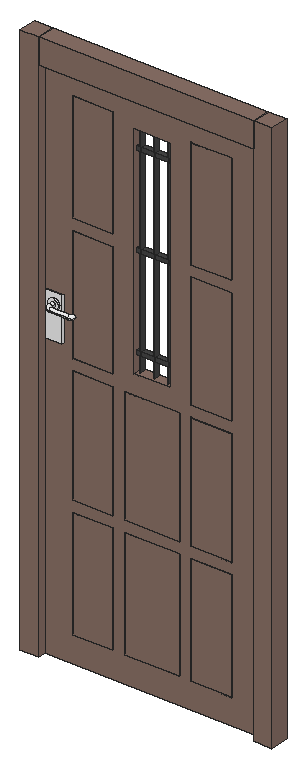
Revit family "DTI_A3-BSQTZMSOHS", category Doors, host Wall, Revit 2016 (continued)
Lines and regions (mm)
  model lines, style "Embossed carving"
    curve 1436: arc (204.639, 35, 1247.958) -> (197.149, 35, 1240.784) -> (195.389, 35, 1230.563) r 16.574
    curve 1437: arc (195.389, 35, 1230.563) -> (197.824, 35, 1220.966) -> (202.128, 35, 1212.05) r 49.267
    curve 1438: arc (202.128, 35, 1212.05) -> (199.082, 35, 1211.255) -> (197.574, 35, 1208.492) r 3.966
    curve 1439: arc (197.574, 35, 1208.492) -> (199.895, 35, 1206.235) -> (202.978, 35, 1205.245) r 7.098
    curve 1440: arc (202.978, 35, 1205.245) -> (200.674, 35, 1203.462) -> (198.891, 35, 1201.158) r 11.531
    curve 1441: arc (198.891, 35, 1201.158) -> (205.721, 35, 1203.344) -> (212.551, 35, 1201.158) r 11.764
    curve 1442: arc (212.551, 35, 1201.158) -> (215.072, 35, 1204.279) -> (218.864, 35, 1202.968) r 3.491
    curve 1443: arc (218.864, 35, 1202.968) -> (218.18, 35, 1201.663) -> (218.12, 35, 1200.191) r 3.36
    curve 1444: arc (218.12, 35, 1200.191) -> (220.524, 35, 1199.89) -> (221.987, 35, 1197.958) r 3.118
    curve 1445: arc (221.987, 35, 1197.958) -> (222.349, 35, 1199.052) -> (223.027, 35, 1199.984) r 3.748
    curve 1446: arc (223.027, -5, 1162.131) -> (223.704, -5, 1163.063) -> (224.066, -5, 1164.157) r 3.748
    curve 1447: arc (224.066, -5, 1164.157) -> (225.529, -5, 1162.225) -> (227.934, -5, 1161.924) r 3.118
    curve 1448: arc (227.934, -5, 1161.924) -> (227.874, -5, 1160.452) -> (227.19, -5, 1159.147) r 3.36
    curve 1449: arc (227.19, -5, 1159.147) -> (230.981, -5, 1157.836) -> (233.503, -5, 1160.957) r 3.491
    curve 1450: arc (233.503, -5, 1160.957) -> (240.332, -5, 1158.771) -> (247.162, -5, 1160.957) r 11.764
    curve 1451: arc (247.162, -5, 1160.957) -> (245.379, -5, 1158.654) -> (243.076, -5, 1156.871) r 11.531
    curve 1452: arc (243.076, -5, 1156.871) -> (246.158, -5, 1155.88) -> (248.48, -5, 1153.624) r 7.098
    curve 1453: arc (248.48, -5, 1153.624) -> (246.972, -5, 1150.86) -> (243.926, -5, 1150.066) r 3.966
    curve 1454: arc (243.926, -5, 1150.066) -> (248.23, -5, 1141.149) -> (250.664, -5, 1131.552) r 49.267
    curve 1455: arc (250.664, -5, 1131.552) -> (248.905, -5, 1121.331) -> (241.415, -5, 1114.157) r 16.574
    curve 1456: arc (241.415, -5, 1114.157) -> (248.905, -5, 1106.983) -> (250.664, -5, 1096.761) r 16.574
    curve 1457: arc (250.664, -5, 1096.761) -> (248.23, -5, 1087.164) -> (243.926, -5, 1078.248) r 49.267
    curve 1458: arc (243.926, -5, 1078.248) -> (246.972, -5, 1077.453) -> (248.48, -5, 1074.69) r 3.966
    curve 1459: arc (248.48, -5, 1074.69) -> (246.158, -5, 1072.434) -> (243.076, -5, 1071.443) r 7.098
    curve 1460: arc (243.076, -5, 1071.443) -> (245.379, -5, 1069.66) -> (247.162, -5, 1067.357) r 11.531
    curve 1461: arc (247.162, -5, 1067.357) -> (240.332, -5, 1069.542) -> (233.503, -5, 1067.357) r 11.764
    curve 1462: arc (233.503, -5, 1067.357) -> (230.981, -5, 1070.477) -> (227.19, -5, 1069.167) r 3.491
    curve 1463: arc (227.19, -5, 1069.167) -> (227.874, -5, 1067.862) -> (227.934, -5, 1066.39) r 3.36
    curve 1464: arc (227.934, -5, 1066.39) -> (225.529, -5, 1066.089) -> (224.066, -5, 1064.157) r 3.118
    curve 1465: arc (224.066, -5, 1064.157) -> (223.704, -5, 1065.251) -> (223.027, -5, 1066.183) r 3.748
    curve 1466: arc (223.027, -5, 1162.131) -> (222.349, -5, 1163.063) -> (221.987, -5, 1164.157) r 3.748
    curve 1467: arc (221.987, -5, 1164.157) -> (220.524, -5, 1162.225) -> (218.12, -5, 1161.924) r 3.118
    curve 1468: arc (218.12, -5, 1161.924) -> (218.18, -5, 1160.452) -> (218.864, -5, 1159.147) r 3.36
    curve 1469: arc (218.864, -5, 1159.147) -> (215.072, -5, 1157.836) -> (212.551, -5, 1160.957) r 3.491
    curve 1470: arc (212.551, -5, 1160.957) -> (205.721, -5, 1158.771) -> (198.891, -5, 1160.957) r 11.764
    curve 1471: arc (198.891, -5, 1160.957) -> (200.674, -5, 1158.654) -> (202.978, -5, 1156.871) r 11.531
    curve 1472: arc (202.978, -5, 1156.871) -> (199.895, -5, 1155.88) -> (197.574, -5, 1153.624) r 7.098
    curve 1473: arc (197.574, -5, 1153.624) -> (199.082, -5, 1150.86) -> (202.128, -5, 1150.066) r 3.966
    curve 1474: arc (202.128, -5, 1150.066) -> (197.824, -5, 1141.149) -> (195.389, -5, 1131.552) r 49.267
    curve 1475: arc (195.389, -5, 1131.552) -> (197.149, -5, 1121.331) -> (204.639, -5, 1114.157) r 16.574
    curve 1476: arc (204.639, -5, 1114.157) -> (197.149, -5, 1106.983) -> (195.389, -5, 1096.761) r 16.574
    curve 1477: arc (195.389, -5, 1096.761) -> (197.824, -5, 1087.164) -> (202.128, -5, 1078.248) r 49.267
    curve 1478: arc (202.128, -5, 1078.248) -> (199.082, -5, 1077.453) -> (197.574, -5, 1074.69) r 3.966
    curve 1479: arc (197.574, -5, 1074.69) -> (199.895, -5, 1072.434) -> (202.978, -5, 1071.443) r 7.098
    curve 1480: arc (202.978, -5, 1071.443) -> (200.674, -5, 1069.66) -> (198.891, -5, 1067.357) r 11.531
    curve 1481: arc (198.891, -5, 1067.357) -> (205.721, -5, 1069.542) -> (212.551, -5, 1067.357) r 11.764
    curve 1482: arc (212.551, -5, 1067.357) -> (215.072, -5, 1070.477) -> (218.864, -5, 1069.167) r 3.491
    curve 1483: arc (218.864, -5, 1069.167) -> (218.18, -5, 1067.862) -> (218.12, -5, 1066.39) r 3.36
    curve 1484: arc (218.12, -5, 1066.39) -> (220.524, -5, 1066.089) -> (221.987, -5, 1064.157) r 3.118
    curve 1485: arc (221.987, -5, 1064.157) -> (222.349, -5, 1065.251) -> (223.027, -5, 1066.183) r 3.748
    curve 1486: arc (223.027, 35, 1158.266) -> (223.704, 35, 1159.198) -> (224.066, 35, 1160.292) r 3.748
    curve 1487: arc (224.066, 35, 1160.292) -> (225.529, 35, 1158.36) -> (227.934, 35, 1158.059) r 3.118
    curve 1488: arc (227.934, 35, 1158.059) -> (227.874, 35, 1156.587) -> (227.19, 35, 1155.282) r 3.36
    curve 1489: arc (227.19, 35, 1155.282) -> (230.981, 35, 1153.971) -> (233.503, 35, 1157.092) r 3.491
    curve 1490: arc (233.503, 35, 1157.092) -> (240.332, 35, 1154.907) -> (247.162, 35, 1157.092) r 11.764
    curve 1491: arc (247.162, 35, 1157.092) -> (245.379, 35, 1154.789) -> (243.076, 35, 1153.006) r 11.531
    curve 1492: arc (243.076, 35, 1153.006) -> (246.158, 35, 1152.015) -> (248.48, 35, 1149.759) r 7.098
    curve 1493: arc (248.48, 35, 1149.759) -> (246.972, 35, 1146.995) -> (243.926, 35, 1146.201) r 3.966
    curve 1494: arc (243.926, 35, 1146.201) -> (248.23, 35, 1137.284) -> (250.664, 35, 1127.687) r 49.267
    curve 1495: arc (250.664, 35, 1127.687) -> (248.905, 35, 1117.466) -> (241.415, 35, 1110.292) r 16.574
    curve 1496: arc (241.415, 35, 1110.292) -> (248.905, 35, 1103.118) -> (250.664, 35, 1092.897) r 16.574
    curve 1497: arc (250.664, 35, 1092.897) -> (248.23, 35, 1083.3) -> (243.926, 35, 1074.383) r 49.267
    curve 1498: arc (243.926, 35, 1074.383) -> (246.972, 35, 1073.589) -> (248.48, 35, 1070.825) r 3.966
    curve 1499: arc (248.48, 35, 1070.825) -> (246.158, 35, 1068.569) -> (243.076, 35, 1067.578) r 7.098
    curve 1500: arc (243.076, 35, 1067.578) -> (245.379, 35, 1065.795) -> (247.162, 35, 1063.492) r 11.531
    curve 1501: arc (247.162, 35, 1063.492) -> (240.332, 35, 1065.677) -> (233.503, 35, 1063.492) r 11.764
    curve 1502: arc (233.503, 35, 1063.492) -> (230.981, 35, 1066.612) -> (227.19, 35, 1065.302) r 3.491
    curve 1503: arc (227.19, 35, 1065.302) -> (227.874, 35, 1063.997) -> (227.934, 35, 1062.525) r 3.36
    curve 1504: arc (227.934, 35, 1062.525) -> (225.529, 35, 1062.224) -> (224.066, 35, 1060.292) r 3.118
    curve 1505: arc (224.066, 35, 1060.292) -> (223.704, 35, 1061.386) -> (223.027, 35, 1062.318) r 3.748
    curve 1506: arc (223.027, 35, 1158.266) -> (222.349, 35, 1159.198) -> (221.987, 35, 1160.292) r 3.748
    curve 1507: arc (221.987, 35, 1160.292) -> (220.524, 35, 1158.36) -> (218.12, 35, 1158.059) r 3.118
    curve 1508: arc (218.12, 35, 1158.059) -> (218.18, 35, 1156.587) -> (218.864, 35, 1155.282) r 3.36
    curve 1509: arc (218.864, 35, 1155.282) -> (215.072, 35, 1153.971) -> (212.551, 35, 1157.092) r 3.491
    curve 1510: arc (212.551, 35, 1157.092) -> (205.721, 35, 1154.907) -> (198.891, 35, 1157.092) r 11.764
    curve 1511: arc (198.891, 35, 1157.092) -> (200.674, 35, 1154.789) -> (202.978, 35, 1153.006) r 11.531
    curve 1512: arc (202.978, 35, 1153.006) -> (199.895, 35, 1152.015) -> (197.574, 35, 1149.759) r 7.098
    curve 1513: arc (197.574, 35, 1149.759) -> (199.082, 35, 1146.995) -> (202.128, 35, 1146.201) r 3.966
    curve 1514: arc (202.128, 35, 1146.201) -> (197.824, 35, 1137.284) -> (195.389, 35, 1127.687) r 49.267
    curve 1515: arc (195.389, 35, 1127.687) -> (197.149, 35, 1117.466) -> (204.639, 35, 1110.292) r 16.574
    curve 1516: arc (204.639, 35, 1110.292) -> (197.149, 35, 1103.118) -> (195.389, 35, 1092.897) r 16.574
    curve 1517: arc (195.389, 35, 1092.897) -> (197.824, 35, 1083.3) -> (202.128, 35, 1074.383) r 49.267
    curve 1518: arc (202.128, 35, 1074.383) -> (199.082, 35, 1073.589) -> (197.574, 35, 1070.825) r 3.966
    curve 1519: arc (197.574, 35, 1070.825) -> (199.895, 35, 1068.569) -> (202.978, 35, 1067.578) r 7.098
    curve 1520: arc (202.978, 35, 1067.578) -> (200.674, 35, 1065.795) -> (198.891, 35, 1063.492) r 11.531
    curve 1521: arc (198.891, 35, 1063.492) -> (205.721, 35, 1065.677) -> (212.551, 35, 1063.492) r 11.764
    curve 1522: arc (212.551, 35, 1063.492) -> (215.072, 35, 1066.612) -> (218.864, 35, 1065.302) r 3.491
    curve 1523: arc (218.864, 35, 1065.302) -> (218.18, 35, 1063.997) -> (218.12, 35, 1062.525) r 3.36
    curve 1524: arc (218.12, 35, 1062.525) -> (220.524, 35, 1062.224) -> (221.987, 35, 1060.292) r 3.118
    curve 1525: arc (221.987, 35, 1060.292) -> (222.349, 35, 1061.386) -> (223.027, 35, 1062.318) r 3.748
    curve 1526: arc (223.027, -5, 970.867) -> (223.704, -5, 971.799) -> (224.066, -5, 972.892) r 3.748
    curve 1527: arc (224.066, -5, 972.892) -> (225.529, -5, 970.961) -> (227.934, -5, 970.66) r 3.118
    curve 1528: arc (227.934, -5, 970.66) -> (227.874, -5, 969.187) -> (227.19, -5, 967.883) r 3.36
    curve 1529: arc (227.19, -5, 967.883) -> (230.981, -5, 966.572) -> (233.503, -5, 969.693) r 3.491
    curve 1530: arc (233.503, -5, 969.693) -> (240.332, -5, 967.507) -> (247.162, -5, 969.693) r 11.764
    curve 1531: arc (247.162, -5, 969.693) -> (245.379, -5, 967.389) -> (243.076, -5, 965.606) r 11.531
    curve 1532: arc (243.076, -5, 965.606) -> (246.158, -5, 964.616) -> (248.48, -5, 962.359) r 7.098
    curve 1533: arc (248.48, -5, 962.359) -> (246.972, -5, 959.596) -> (243.926, -5, 958.801) r 3.966
    curve 1534: arc (243.926, -5, 958.801) -> (248.23, -5, 949.885) -> (250.664, -5, 940.288) r 49.267
    curve 1535: arc (250.664, -5, 940.288) -> (248.905, -5, 930.067) -> (241.415, -5, 922.892) r 16.574
    curve 1536: arc (241.415, -5, 922.892) -> (248.905, -5, 915.718) -> (250.664, -5, 905.497) r 16.574
    curve 1537: arc (250.664, -5, 905.497) -> (248.23, -5, 895.9) -> (243.926, -5, 886.984) r 49.267
    curve 1538: arc (243.926, -5, 886.984) -> (246.972, -5, 886.189) -> (248.48, -5, 883.426) r 3.966
    curve 1539: arc (248.48, -5, 883.426) -> (246.158, -5, 881.169) -> (243.076, -5, 880.179) r 7.098
    curve 1540: arc (243.076, -5, 880.179) -> (245.379, -5, 878.396) -> (247.162, -5, 876.092) r 11.531
    curve 1541: arc (247.162, -5, 876.092) -> (240.332, -5, 878.278) -> (233.503, -5, 876.092) r 11.764
    curve 1542: arc (233.503, -5, 876.092) -> (230.981, -5, 879.213) -> (227.19, -5, 877.902) r 3.491
    curve 1543: arc (227.19, -5, 877.902) -> (227.874, -5, 876.597) -> (227.934, -5, 875.125) r 3.36
    curve 1544: arc (227.934, -5, 875.125) -> (225.529, -5, 874.824) -> (224.066, -5, 872.892) r 3.118
    curve 1545: arc (224.066, -5, 872.892) -> (223.704, -5, 873.986) -> (223.027, -5, 874.918) r 3.748
    curve 1546: arc (223.027, -5, 970.867) -> (222.349, -5, 971.799) -> (221.987, -5, 972.892) r 3.748
    curve 1547: arc (221.987, -5, 972.892) -> (220.524, -5, 970.961) -> (218.12, -5, 970.66) r 3.118
    curve 1548: arc (218.12, -5, 970.66) -> (218.18, -5, 969.187) -> (218.864, -5, 967.883) r 3.36
    curve 1549: arc (218.864, -5, 967.883) -> (215.072, -5, 966.572) -> (212.551, -5, 969.693) r 3.491
    curve 1550: arc (212.551, -5, 969.693) -> (205.721, -5, 967.507) -> (198.891, -5, 969.693) r 11.764
    curve 1551: arc (198.891, -5, 969.693) -> (200.674, -5, 967.389) -> (202.978, -5, 965.606) r 11.531
    curve 1552: arc (202.978, -5, 965.606) -> (199.895, -5, 964.616) -> (197.574, -5, 962.359) r 7.098
    curve 1553: arc (197.574, -5, 962.359) -> (199.082, -5, 959.596) -> (202.128, -5, 958.801) r 3.966
    curve 1554: arc (202.128, -5, 958.801) -> (197.824, -5, 949.885) -> (195.389, -5, 940.288) r 49.267
    curve 1555: arc (195.389, -5, 940.288) -> (197.149, -5, 930.067) -> (204.639, -5, 922.892) r 16.574
    curve 1556: arc (204.639, -5, 922.892) -> (197.149, -5, 915.718) -> (195.389, -5, 905.497) r 16.574
    curve 1557: arc (195.389, -5, 905.497) -> (197.824, -5, 895.9) -> (202.128, -5, 886.984) r 49.267
    curve 1558: arc (202.128, -5, 886.984) -> (199.082, -5, 886.189) -> (197.574, -5, 883.426) r 3.966
    curve 1559: arc (197.574, -5, 883.426) -> (199.895, -5, 881.169) -> (202.978, -5, 880.179) r 7.098
    curve 1560: arc (202.978, -5, 880.179) -> (200.674, -5, 878.396) -> (198.891, -5, 876.092) r 11.531
    curve 1561: arc (198.891, -5, 876.092) -> (205.721, -5, 878.278) -> (212.551, -5, 876.092) r 11.764
    curve 1562: arc (212.551, -5, 876.092) -> (215.072, -5, 879.213) -> (218.864, -5, 877.902) r 3.491
    curve 1563: arc (218.864, -5, 877.902) -> (218.18, -5, 876.597) -> (218.12, -5, 875.125) r 3.36
    curve 1564: arc (218.12, -5, 875.125) -> (220.524, -5, 874.824) -> (221.987, -5, 872.892) r 3.118
    curve 1565: arc (221.987, -5, 872.892) -> (222.349, -5, 873.986) -> (223.027, -5, 874.918) r 3.748
    curve 1566: arc (223.027, 35, 967.002) -> (223.704, 35, 967.934) -> (224.066, 35, 969.028) r 3.748
    curve 1567: arc (224.066, 35, 969.028) -> (225.529, 35, 967.096) -> (227.934, 35, 966.795) r 3.118
    curve 1568: arc (227.934, 35, 966.795) -> (227.874, 35, 965.323) -> (227.19, 35, 964.018) r 3.36
    curve 1569: arc (227.19, 35, 964.018) -> (230.981, 35, 962.707) -> (233.503, 35, 965.828) r 3.491
    curve 1570: arc (233.503, 35, 965.828) -> (240.332, 35, 963.642) -> (247.162, 35, 965.828) r 11.764
    curve 1571: arc (247.162, 35, 965.828) -> (245.379, 35, 963.524) -> (243.076, 35, 961.741) r 11.531
    curve 1572: arc (243.076, 35, 961.741) -> (246.158, 35, 960.751) -> (248.48, 35, 958.494) r 7.098
    curve 1573: arc (248.48, 35, 958.494) -> (246.972, 35, 955.731) -> (243.926, 35, 954.936) r 3.966
    curve 1574: arc (243.926, 35, 954.936) -> (248.23, 35, 946.02) -> (250.664, 35, 936.423) r 49.267
    curve 1575: arc (250.664, 35, 936.423) -> (248.905, 35, 926.202) -> (241.415, 35, 919.028) r 16.574
    curve 1576: arc (241.415, 35, 919.028) -> (248.905, 35, 911.853) -> (250.664, 35, 901.632) r 16.574
    curve 1577: arc (250.664, 35, 901.632) -> (248.23, 35, 892.035) -> (243.926, 35, 883.119) r 49.267
    curve 1578: arc (243.926, 35, 883.119) -> (246.972, 35, 882.324) -> (248.48, 35, 879.561) r 3.966
    curve 1579: arc (248.48, 35, 879.561) -> (246.158, 35, 877.305) -> (243.076, 35, 876.314) r 7.098
    curve 1580: arc (243.076, 35, 876.314) -> (245.379, 35, 874.531) -> (247.162, 35, 872.227) r 11.531
    curve 1581: arc (247.162, 35, 872.227) -> (240.332, 35, 874.413) -> (233.503, 35, 872.227) r 11.764
    curve 1582: arc (233.503, 35, 872.227) -> (230.981, 35, 875.348) -> (227.19, 35, 874.038) r 3.491
    curve 1583: arc (227.19, 35, 874.038) -> (227.874, 35, 872.733) -> (227.934, 35, 871.26) r 3.36
    curve 1584: arc (227.934, 35, 871.26) -> (225.529, 35, 870.959) -> (224.066, 35, 869.028) r 3.118
    curve 1585: arc (224.066, 35, 869.028) -> (223.704, 35, 870.121) -> (223.027, 35, 871.053) r 3.748
    curve 1586: arc (223.027, 35, 967.002) -> (222.349, 35, 967.934) -> (221.987, 35, 969.028) r 3.748
    curve 1587: arc (221.987, 35, 969.028) -> (220.524, 35, 967.096) -> (218.12, 35, 966.795) r 3.118
    curve 1588: arc (218.12, 35, 966.795) -> (218.18, 35, 965.323) -> (218.864, 35, 964.018) r 3.36
    curve 1589: arc (218.864, 35, 964.018) -> (215.072, 35, 962.707) -> (212.551, 35, 965.828) r 3.491
    curve 1590: arc (212.551, 35, 965.828) -> (205.721, 35, 963.642) -> (198.891, 35, 965.828) r 11.764
    curve 1591: arc (198.891, 35, 965.828) -> (200.674, 35, 963.524) -> (202.978, 35, 961.741) r 11.531
    curve 1592: arc (202.978, 35, 961.741) -> (199.895, 35, 960.751) -> (197.574, 35, 958.494) r 7.098
    curve 1593: arc (197.574, 35, 958.494) -> (199.082, 35, 955.731) -> (202.128, 35, 954.936) r 3.966
    curve 1594: arc (202.128, 35, 954.936) -> (197.824, 35, 946.02) -> (195.389, 35, 936.423) r 49.267
    curve 1595: arc (195.389, 35, 936.423) -> (197.149, 35, 926.202) -> (204.639, 35, 919.028) r 16.574
    curve 1596: arc (204.639, 35, 919.028) -> (197.149, 35, 911.853) -> (195.389, 35, 901.632) r 16.574
    curve 1597: arc (195.389, 35, 901.632) -> (197.824, 35, 892.035) -> (202.128, 35, 883.119) r 49.267
    curve 1598: arc (202.128, 35, 883.119) -> (199.082, 35, 882.324) -> (197.574, 35, 879.561) r 3.966
    curve 1599: arc (197.574, 35, 879.561) -> (199.895, 35, 877.305) -> (202.978, 35, 876.314) r 7.098
    curve 1600: arc (202.978, 35, 876.314) -> (200.674, 35, 874.531) -> (198.891, 35, 872.227) r 11.531
    curve 1601: arc (198.891, 35, 872.227) -> (205.721, 35, 874.413) -> (212.551, 35, 872.227) r 11.764
    curve 1602: arc (212.551, 35, 872.227) -> (215.072, 35, 875.348) -> (218.864, 35, 874.038) r 3.491
    curve 1603: arc (218.864, 35, 874.038) -> (218.18, 35, 872.733) -> (218.12, 35, 871.26) r 3.36
    curve 1604: arc (218.12, 35, 871.26) -> (220.524, 35, 870.959) -> (221.987, 35, 869.028) r 3.118
    curve 1605: arc (221.987, 35, 869.028) -> (222.349, 35, 870.121) -> (223.027, 35, 871.053) r 3.748
    curve 1606: arc (223.027, -5, 830.867) -> (223.704, -5, 831.799) -> (224.066, -5, 832.892) r 3.748
    curve 1607: arc (224.066, -5, 832.892) -> (225.529, -5, 830.961) -> (227.934, -5, 830.66) r 3.118
    curve 1608: arc (227.934, -5, 830.66) -> (227.874, -5, 829.187) -> (227.19, -5, 827.883) r 3.36
    curve 1609: arc (227.19, -5, 827.883) -> (230.981, -5, 826.572) -> (233.503, -5, 829.693) r 3.491
    curve 1610: arc (233.503, -5, 829.693) -> (240.332, -5, 827.507) -> (247.162, -5, 829.693) r 11.764
    curve 1611: arc (247.162, -5, 829.693) -> (245.379, -5, 827.389) -> (243.076, -5, 825.606) r 11.531
    curve 1612: arc (243.076, -5, 825.606) -> (246.158, -5, 824.616) -> (248.48, -5, 822.359) r 7.098
    curve 1613: arc (248.48, -5, 822.359) -> (246.972, -5, 819.596) -> (243.926, -5, 818.801) r 3.966
    curve 1614: arc (243.926, -5, 818.801) -> (248.23, -5, 809.885) -> (250.664, -5, 800.288) r 49.267
    curve 1615: arc (250.664, -5, 800.288) -> (248.905, -5, 790.067) -> (241.415, -5, 782.892) r 16.574
    curve 1616: arc (241.415, -5, 782.892) -> (248.905, -5, 775.718) -> (250.664, -5, 765.497) r 16.574
    curve 1617: arc (250.664, -5, 765.497) -> (248.23, -5, 755.9) -> (243.926, -5, 746.984) r 49.267
    curve 1618: arc (243.926, -5, 746.984) -> (246.972, -5, 746.189) -> (248.48, -5, 743.426) r 3.966
    curve 1619: arc (248.48, -5, 743.426) -> (246.158, -5, 741.169) -> (243.076, -5, 740.179) r 7.098
    curve 1620: arc (243.076, -5, 740.179) -> (245.379, -5, 738.396) -> (247.162, -5, 736.092) r 11.531
    curve 1621: arc (247.162, -5, 736.092) -> (240.332, -5, 738.278) -> (233.503, -5, 736.092) r 11.764
    curve 1622: arc (233.503, -5, 736.092) -> (230.981, -5, 739.213) -> (227.19, -5, 737.902) r 3.491
    curve 1623: arc (227.19, -5, 737.902) -> (227.874, -5, 736.597) -> (227.934, -5, 735.125) r 3.36
    curve 1624: arc (227.934, -5, 735.125) -> (225.529, -5, 734.824) -> (224.066, -5, 732.892) r 3.118
    curve 1625: arc (224.066, -5, 732.892) -> (223.704, -5, 733.986) -> (223.027, -5, 734.918) r 3.748
    curve 1626: arc (223.027, -5, 830.867) -> (222.349, -5, 831.799) -> (221.987, -5, 832.892) r 3.748
    curve 1627: arc (221.987, -5, 832.892) -> (220.524, -5, 830.961) -> (218.12, -5, 830.66) r 3.118
    curve 1628: arc (218.12, -5, 830.66) -> (218.18, -5, 829.187) -> (218.864, -5, 827.883) r 3.36
    curve 1629: arc (218.864, -5, 827.883) -> (215.072, -5, 826.572) -> (212.551, -5, 829.693) r 3.491
    curve 1630: arc (212.551, -5, 829.693) -> (205.721, -5, 827.507) -> (198.891, -5, 829.693) r 11.764
    curve 1631: arc (198.891, -5, 829.693) -> (200.674, -5, 827.389) -> (202.978, -5, 825.606) r 11.531
    curve 1632: arc (202.978, -5, 825.606) -> (199.895, -5, 824.616) -> (197.574, -5, 822.359) r 7.098
    curve 1633: arc (197.574, -5, 822.359) -> (199.082, -5, 819.596) -> (202.128, -5, 818.801) r 3.966
    curve 1634: arc (202.128, -5, 818.801) -> (197.824, -5, 809.885) -> (195.389, -5, 800.288) r 49.267
    curve 1635: arc (195.389, -5, 800.288) -> (197.149, -5, 790.067) -> (204.639, -5, 782.892) r 16.574
    curve 1636: arc (204.639, -5, 782.892) -> (197.149, -5, 775.718) -> (195.389, -5, 765.497) r 16.574
    curve 1637: arc (195.389, -5, 765.497) -> (197.824, -5, 755.9) -> (202.128, -5, 746.984) r 49.267
    curve 1638: arc (202.128, -5, 746.984) -> (199.082, -5, 746.189) -> (197.574, -5, 743.426) r 3.966
    curve 1639: arc (197.574, -5, 743.426) -> (199.895, -5, 741.169) -> (202.978, -5, 740.179) r 7.098
    curve 1640: arc (202.978, -5, 740.179) -> (200.674, -5, 738.396) -> (198.891, -5, 736.092) r 11.531
    curve 1641: arc (198.891, -5, 736.092) -> (205.721, -5, 738.278) -> (212.551, -5, 736.092) r 11.764
    curve 1642: arc (212.551, -5, 736.092) -> (215.072, -5, 739.213) -> (218.864, -5, 737.902) r 3.491
    curve 1643: arc (218.864, -5, 737.902) -> (218.18, -5, 736.597) -> (218.12, -5, 735.125) r 3.36
    curve 1644: arc (218.12, -5, 735.125) -> (220.524, -5, 734.824) -> (221.987, -5, 732.892) r 3.118
    curve 1645: arc (221.987, -5, 732.892) -> (222.349, -5, 733.986) -> (223.027, -5, 734.918) r 3.748
    curve 1646: arc (223.027, 35, 827.002) -> (223.704, 35, 827.934) -> (224.066, 35, 829.028) r 3.748
    curve 1647: arc (224.066, 35, 829.028) -> (225.529, 35, 827.096) -> (227.934, 35, 826.795) r 3.118
    curve 1648: arc (227.934, 35, 826.795) -> (227.874, 35, 825.323) -> (227.19, 35, 824.018) r 3.36
    curve 1649: arc (227.19, 35, 824.018) -> (230.981, 35, 822.707) -> (233.503, 35, 825.828) r 3.491
    curve 1650: arc (233.503, 35, 825.828) -> (240.332, 35, 823.642) -> (247.162, 35, 825.828) r 11.764
    curve 1651: arc (247.162, 35, 825.828) -> (245.379, 35, 823.524) -> (243.076, 35, 821.741) r 11.531
    curve 1652: arc (243.076, 35, 821.741) -> (246.158, 35, 820.751) -> (248.48, 35, 818.494) r 7.098
    curve 1653: arc (248.48, 35, 818.494) -> (246.972, 35, 815.731) -> (243.926, 35, 814.936) r 3.966
    curve 1654: arc (243.926, 35, 814.936) -> (248.23, 35, 806.02) -> (250.664, 35, 796.423) r 49.267
    curve 1655: arc (250.664, 35, 796.423) -> (248.905, 35, 786.202) -> (241.415, 35, 779.028) r 16.574
    curve 1656: arc (241.415, 35, 779.028) -> (248.905, 35, 771.853) -> (250.664, 35, 761.632) r 16.574
    curve 1657: arc (250.664, 35, 761.632) -> (248.23, 35, 752.035) -> (243.926, 35, 743.119) r 49.267
    curve 1658: arc (243.926, 35, 743.119) -> (246.972, 35, 742.324) -> (248.48, 35, 739.561) r 3.966
    curve 1659: arc (248.48, 35, 739.561) -> (246.158, 35, 737.305) -> (243.076, 35, 736.314) r 7.098
    curve 1660: arc (243.076, 35, 736.314) -> (245.379, 35, 734.531) -> (247.162, 35, 732.227) r 11.531
    curve 1661: arc (247.162, 35, 732.227) -> (240.332, 35, 734.413) -> (233.503, 35, 732.227) r 11.764
    curve 1662: arc (233.503, 35, 732.227) -> (230.981, 35, 735.348) -> (227.19, 35, 734.038) r 3.491
    curve 1663: arc (227.19, 35, 734.038) -> (227.874, 35, 732.733) -> (227.934, 35, 731.26) r 3.36
    curve 1664: arc (227.934, 35, 731.26) -> (225.529, 35, 730.959) -> (224.066, 35, 729.028) r 3.118
    curve 1665: arc (224.066, 35, 729.028) -> (223.704, 35, 730.121) -> (223.027, 35, 731.053) r 3.748
    curve 1666: arc (223.027, 35, 827.002) -> (222.349, 35, 827.934) -> (221.987, 35, 829.028) r 3.748
    curve 1667: arc (221.987, 35, 829.028) -> (220.524, 35, 827.096) -> (218.12, 35, 826.795) r 3.118
    curve 1668: arc (218.12, 35, 826.795) -> (218.18, 35, 825.323) -> (218.864, 35, 824.018) r 3.36
    curve 1669: arc (218.864, 35, 824.018) -> (215.072, 35, 822.707) -> (212.551, 35, 825.828) r 3.491
    curve 1670: arc (212.551, 35, 825.828) -> (205.721, 35, 823.642) -> (198.891, 35, 825.828) r 11.764
    curve 1671: arc (198.891, 35, 825.828) -> (200.674, 35, 823.524) -> (202.978, 35, 821.741) r 11.531
    curve 1672: arc (202.978, 35, 821.741) -> (199.895, 35, 820.751) -> (197.574, 35, 818.494) r 7.098
    curve 1673: arc (197.574, 35, 818.494) -> (199.082, 35, 815.731) -> (202.128, 35, 814.936) r 3.966
    curve 1674: arc (202.128, 35, 814.936) -> (197.824, 35, 806.02) -> (195.389, 35, 796.423) r 49.267
    curve 1675: arc (195.389, 35, 796.423) -> (197.149, 35, 786.202) -> (204.639, 35, 779.028) r 16.574
    curve 1676: arc (204.639, 35, 779.028) -> (197.149, 35, 771.853) -> (195.389, 35, 761.632) r 16.574
    curve 1677: arc (195.389, 35, 761.632) -> (197.824, 35, 752.035) -> (202.128, 35, 743.119) r 49.267
    curve 1678: arc (202.128, 35, 743.119) -> (199.082, 35, 742.324) -> (197.574, 35, 739.561) r 3.966
    curve 1679: arc (197.574, 35, 739.561) -> (199.895, 35, 737.305) -> (202.978, 35, 736.314) r 7.098
    curve 1680: arc (202.978, 35, 736.314) -> (200.674, 35, 734.531) -> (198.891, 35, 732.227) r 11.531
    curve 1681: arc (198.891, 35, 732.227) -> (205.721, 35, 734.413) -> (212.551, 35, 732.227) r 11.764
    curve 1682: arc (212.551, 35, 732.227) -> (215.072, 35, 735.348) -> (218.864, 35, 734.038) r 3.491
    curve 1683: arc (218.864, 35, 734.038) -> (218.18, 35, 732.733) -> (218.12, 35, 731.26) r 3.36
    curve 1684: arc (218.12, 35, 731.26) -> (220.524, 35, 730.959) -> (221.987, 35, 729.028) r 3.118
    curve 1685: arc (221.987, 35, 729.028) -> (222.349, 35, 730.121) -> (223.027, 35, 731.053) r 3.748
    curve 1686: arc (223.027, -5, 685.867) -> (223.704, -5, 686.799) -> (224.066, -5, 687.892) r 3.748
    curve 1687: arc (224.066, -5, 687.892) -> (225.529, -5, 685.961) -> (227.934, -5, 685.66) r 3.118
    curve 1688: arc (227.934, -5, 685.66) -> (227.874, -5, 684.187) -> (227.19, -5, 682.883) r 3.36
    curve 1689: arc (227.19, -5, 682.883) -> (230.981, -5, 681.572) -> (233.503, -5, 684.693) r 3.491
    curve 1690: arc (233.503, -5, 684.693) -> (240.332, -5, 682.507) -> (247.162, -5, 684.693) r 11.764
    curve 1691: arc (247.162, -5, 684.693) -> (245.379, -5, 682.389) -> (243.076, -5, 680.606) r 11.531
    curve 1692: arc (243.076, -5, 680.606) -> (246.158, -5, 679.616) -> (248.48, -5, 677.359) r 7.098
    curve 1693: arc (248.48, -5, 677.359) -> (246.972, -5, 674.596) -> (243.926, -5, 673.801) r 3.966
    curve 1694: arc (243.926, -5, 673.801) -> (248.23, -5, 664.885) -> (250.664, -5, 655.288) r 49.267
    curve 1695: arc (250.664, -5, 655.288) -> (248.905, -5, 645.067) -> (241.415, -5, 637.892) r 16.574
    curve 1696: arc (241.415, -5, 637.892) -> (248.905, -5, 630.718) -> (250.664, -5, 620.497) r 16.574
    curve 1697: arc (250.664, -5, 620.497) -> (248.23, -5, 610.9) -> (243.926, -5, 601.984) r 49.267
    curve 1698: arc (243.926, -5, 601.984) -> (246.972, -5, 601.189) -> (248.48, -5, 598.426) r 3.966
    curve 1699: arc (248.48, -5, 598.426) -> (246.158, -5, 596.169) -> (243.076, -5, 595.179) r 7.098
    curve 1700: arc (243.076, -5, 595.179) -> (245.379, -5, 593.396) -> (247.162, -5, 591.092) r 11.531
    curve 1701: arc (247.162, -5, 591.092) -> (240.332, -5, 593.278) -> (233.503, -5, 591.092) r 11.764
    curve 1702: arc (233.503, -5, 591.092) -> (230.981, -5, 594.213) -> (227.19, -5, 592.902) r 3.491
    curve 1703: arc (227.19, -5, 592.902) -> (227.874, -5, 591.597) -> (227.934, -5, 590.125) r 3.36
    curve 1704: arc (227.934, -5, 590.125) -> (225.529, -5, 589.824) -> (224.066, -5, 587.892) r 3.118
    curve 1705: arc (224.066, -5, 587.892) -> (223.704, -5, 588.986) -> (223.027, -5, 589.918) r 3.748
    curve 1706: arc (223.027, -5, 685.867) -> (222.349, -5, 686.799) -> (221.987, -5, 687.892) r 3.748
    curve 1707: arc (221.987, -5, 687.892) -> (220.524, -5, 685.961) -> (218.12, -5, 685.66) r 3.118
    curve 1708: arc (218.12, -5, 685.66) -> (218.18, -5, 684.187) -> (218.864, -5, 682.883) r 3.36
    curve 1709: arc (218.864, -5, 682.883) -> (215.072, -5, 681.572) -> (212.551, -5, 684.693) r 3.491
    curve 1710: arc (212.551, -5, 684.693) -> (205.721, -5, 682.507) -> (198.891, -5, 684.693) r 11.764
    curve 1711: arc (198.891, -5, 684.693) -> (200.674, -5, 682.389) -> (202.978, -5, 680.606) r 11.531
    curve 1712: arc (202.978, -5, 680.606) -> (199.895, -5, 679.616) -> (197.574, -5, 677.359) r 7.098
    curve 1713: arc (197.574, -5, 677.359) -> (199.082, -5, 674.596) -> (202.128, -5, 673.801) r 3.966
    curve 1714: arc (202.128, -5, 673.801) -> (197.824, -5, 664.885) -> (195.389, -5, 655.288) r 49.267
    curve 1715: arc (195.389, -5, 655.288) -> (197.149, -5, 645.067) -> (204.639, -5, 637.892) r 16.574
    curve 1716: arc (204.639, -5, 637.892) -> (197.149, -5, 630.718) -> (195.389, -5, 620.497) r 16.574
    curve 1717: arc (195.389, -5, 620.497) -> (197.824, -5, 610.9) -> (202.128, -5, 601.984) r 49.267
    curve 1718: arc (202.128, -5, 601.984) -> (199.082, -5, 601.189) -> (197.574, -5, 598.426) r 3.966
    curve 1719: arc (197.574, -5, 598.426) -> (199.895, -5, 596.169) -> (202.978, -5, 595.179) r 7.098
    curve 1720: arc (202.978, -5, 595.179) -> (200.674, -5, 593.396) -> (198.891, -5, 591.092) r 11.531
    curve 1721: arc (198.891, -5, 591.092) -> (205.721, -5, 593.278) -> (212.551, -5, 591.092) r 11.764
    curve 1722: arc (212.551, -5, 591.092) -> (215.072, -5, 594.213) -> (218.864, -5, 592.902) r 3.491
    curve 1723: arc (218.864, -5, 592.902) -> (218.18, -5, 591.597) -> (218.12, -5, 590.125) r 3.36
    curve 1724: arc (218.12, -5, 590.125) -> (220.524, -5, 589.824) -> (221.987, -5, 587.892) r 3.118
    curve 1725: arc (221.987, -5, 587.892) -> (222.349, -5, 588.986) -> (223.027, -5, 589.918) r 3.748
    curve 1726: arc (223.027, 35, 682.002) -> (223.704, 35, 682.934) -> (224.066, 35, 684.028) r 3.748
    curve 1727: arc (224.066, 35, 684.028) -> (225.529, 35, 682.096) -> (227.934, 35, 681.795) r 3.118
    curve 1728: arc (227.934, 35, 681.795) -> (227.874, 35, 680.323) -> (227.19, 35, 679.018) r 3.36
    curve 1729: arc (227.19, 35, 679.018) -> (230.981, 35, 677.707) -> (233.503, 35, 680.828) r 3.491
    curve 1730: arc (233.503, 35, 680.828) -> (240.332, 35, 678.642) -> (247.162, 35, 680.828) r 11.764
    curve 1731: arc (247.162, 35, 680.828) -> (245.379, 35, 678.524) -> (243.076, 35, 676.741) r 11.531
    curve 1732: arc (243.076, 35, 676.741) -> (246.158, 35, 675.751) -> (248.48, 35, 673.494) r 7.098
    curve 1733: arc (248.48, 35, 673.494) -> (246.972, 35, 670.731) -> (243.926, 35, 669.936) r 3.966
    curve 1734: arc (243.926, 35, 669.936) -> (248.23, 35, 661.02) -> (250.664, 35, 651.423) r 49.267
    curve 1735: arc (250.664, 35, 651.423) -> (248.905, 35, 641.202) -> (241.415, 35, 634.028) r 16.574
    curve 1736: arc (241.415, 35, 634.028) -> (248.905, 35, 626.853) -> (250.664, 35, 616.632) r 16.574
    curve 1737: arc (250.664, 35, 616.632) -> (248.23, 35, 607.035) -> (243.926, 35, 598.119) r 49.267
    curve 1738: arc (243.926, 35, 598.119) -> (246.972, 35, 597.324) -> (248.48, 35, 594.561) r 3.966
    curve 1739: arc (248.48, 35, 594.561) -> (246.158, 35, 592.305) -> (243.076, 35, 591.314) r 7.098
    curve 1740: arc (243.076, 35, 591.314) -> (245.379, 35, 589.531) -> (247.162, 35, 587.227) r 11.531
    curve 1741: arc (247.162, 35, 587.227) -> (240.332, 35, 589.413) -> (233.503, 35, 587.227) r 11.764
    curve 1742: arc (233.503, 35, 587.227) -> (230.981, 35, 590.348) -> (227.19, 35, 589.038) r 3.491
    curve 1743: arc (227.19, 35, 589.038) -> (227.874, 35, 587.733) -> (227.934, 35, 586.26) r 3.36
    curve 1744: arc (227.934, 35, 586.26) -> (225.529, 35, 585.959) -> (224.066, 35, 584.028) r 3.118
    curve 1745: arc (224.066, 35, 584.028) -> (223.704, 35, 585.121) -> (223.027, 35, 586.053) r 3.748
    curve 1746: arc (223.027, 35, 682.002) -> (222.349, 35, 682.934) -> (221.987, 35, 684.028) r 3.748
    curve 1747: arc (221.987, 35, 684.028) -> (220.524, 35, 682.096) -> (218.12, 35, 681.795) r 3.118
    curve 1748: arc (218.12, 35, 681.795) -> (218.18, 35, 680.323) -> (218.864, 35, 679.018) r 3.36
    curve 1749: arc (218.864, 35, 679.018) -> (215.072, 35, 677.707) -> (212.551, 35, 680.828) r 3.491
    curve 1750: arc (212.551, 35, 680.828) -> (205.721, 35, 678.642) -> (198.891, 35, 680.828) r 11.764
    curve 1751: arc (198.891, 35, 680.828) -> (200.674, 35, 678.524) -> (202.978, 35, 676.741) r 11.531
    curve 1752: arc (202.978, 35, 676.741) -> (199.895, 35, 675.751) -> (197.574, 35, 673.494) r 7.098
    curve 1753: arc (197.574, 35, 673.494) -> (199.082, 35, 670.731) -> (202.128, 35, 669.936) r 3.966
    curve 1754: arc (202.128, 35, 669.936) -> (197.824, 35, 661.02) -> (195.389, 35, 651.423) r 49.267
    curve 1755: arc (195.389, 35, 651.423) -> (197.149, 35, 641.202) -> (204.639, 35, 634.028) r 16.574
    curve 1756: arc (204.639, 35, 634.028) -> (197.149, 35, 626.853) -> (195.389, 35, 616.632) r 16.574
    curve 1757: arc (195.389, 35, 616.632) -> (197.824, 35, 607.035) -> (202.128, 35, 598.119) r 49.267
    curve 1758: arc (202.128, 35, 598.119) -> (199.082, 35, 597.324) -> (197.574, 35, 594.561) r 3.966
    curve 1759: arc (197.574, 35, 594.561) -> (199.895, 35, 592.305) -> (202.978, 35, 591.314) r 7.098
    curve 1760: arc (202.978, 35, 591.314) -> (200.674, 35, 589.531) -> (198.891, 35, 587.227) r 11.531
    curve 1761: arc (198.891, 35, 587.227) -> (205.721, 35, 589.413) -> (212.551, 35, 587.227) r 11.764
    curve 1762: arc (212.551, 35, 587.227) -> (215.072, 35, 590.348) -> (218.864, 35, 589.038) r 3.491
    curve 1763: arc (218.864, 35, 589.038) -> (218.18, 35, 587.733) -> (218.12, 35, 586.26) r 3.36
    curve 1764: arc (218.12, 35, 586.26) -> (220.524, 35, 585.959) -> (221.987, 35, 584.028) r 3.118
    curve 1765: arc (221.987, 35, 584.028) -> (222.349, 35, 585.121) -> (223.027, 35, 586.053) r 3.748
    curve 1766: arc (223.027, -5, 500.867) -> (223.704, -5, 501.799) -> (224.066, -5, 502.892) r 3.748
    curve 1767: arc (224.066, -5, 502.892) -> (225.529, -5, 500.961) -> (227.934, -5, 500.66) r 3.118
    curve 1768: arc (227.934, -5, 500.66) -> (227.874, -5, 499.187) -> (227.19, -5, 497.883) r 3.36
    curve 1769: arc (227.19, -5, 497.883) -> (230.981, -5, 496.572) -> (233.503, -5, 499.693) r 3.491
    curve 1770: arc (233.503, -5, 499.693) -> (240.332, -5, 497.507) -> (247.162, -5, 499.693) r 11.764
    curve 1771: arc (247.162, -5, 499.693) -> (245.379, -5, 497.389) -> (243.076, -5, 495.606) r 11.531
    curve 1772: arc (243.076, -5, 495.606) -> (246.158, -5, 494.616) -> (248.48, -5, 492.359) r 7.098
    curve 1773: arc (248.48, -5, 492.359) -> (246.972, -5, 489.596) -> (243.926, -5, 488.801) r 3.966
    curve 1774: arc (243.926, -5, 488.801) -> (248.23, -5, 479.885) -> (250.664, -5, 470.288) r 49.267
    curve 1775: arc (250.664, -5, 470.288) -> (248.905, -5, 460.067) -> (241.415, -5, 452.892) r 16.574
    curve 1776: arc (241.415, -5, 452.892) -> (248.905, -5, 445.718) -> (250.664, -5, 435.497) r 16.574
    curve 1777: arc (250.664, -5, 435.497) -> (248.23, -5, 425.9) -> (243.926, -5, 416.984) r 49.267
    curve 1778: arc (243.926, -5, 416.984) -> (246.972, -5, 416.189) -> (248.48, -5, 413.426) r 3.966
    curve 1779: arc (248.48, -5, 413.426) -> (246.158, -5, 411.169) -> (243.076, -5, 410.179) r 7.098
    curve 1780: arc (243.076, -5, 410.179) -> (245.379, -5, 408.396) -> (247.162, -5, 406.092) r 11.531
    curve 1781: arc (247.162, -5, 406.092) -> (240.332, -5, 408.278) -> (233.503, -5, 406.092) r 11.764
    curve 1782: arc (233.503, -5, 406.092) -> (230.981, -5, 409.213) -> (227.19, -5, 407.902) r 3.491
    curve 1783: arc (227.19, -5, 407.902) -> (227.874, -5, 406.597) -> (227.934, -5, 405.125) r 3.36
    curve 1784: arc (227.934, -5, 405.125) -> (225.529, -5, 404.824) -> (224.066, -5, 402.892) r 3.118
    curve 1785: arc (224.066, -5, 402.892) -> (223.704, -5, 403.986) -> (223.027, -5, 404.918) r 3.748
    curve 1786: arc (223.027, -5, 500.867) -> (222.349, -5, 501.799) -> (221.987, -5, 502.892) r 3.748
    curve 1787: arc (221.987, -5, 502.892) -> (220.524, -5, 500.961) -> (218.12, -5, 500.66) r 3.118
    curve 1788: arc (218.12, -5, 500.66) -> (218.18, -5, 499.187) -> (218.864, -5, 497.883) r 3.36
    curve 1789: arc (218.864, -5, 497.883) -> (215.072, -5, 496.572) -> (212.551, -5, 499.693) r 3.491
    curve 1790: arc (212.551, -5, 499.693) -> (205.721, -5, 497.507) -> (198.891, -5, 499.693) r 11.764
    curve 1791: arc (198.891, -5, 499.693) -> (200.674, -5, 497.389) -> (202.978, -5, 495.606) r 11.531
    curve 1792: arc (202.978, -5, 495.606) -> (199.895, -5, 494.616) -> (197.574, -5, 492.359) r 7.098
    curve 1793: arc (197.574, -5, 492.359) -> (199.082, -5, 489.596) -> (202.128, -5, 488.801) r 3.966
    curve 1794: arc (202.128, -5, 488.801) -> (197.824, -5, 479.885) -> (195.389, -5, 470.288) r 49.267
    curve 1795: arc (195.389, -5, 470.288) -> (197.149, -5, 460.067) -> (204.639, -5, 452.892) r 16.574
    curve 1796: arc (204.639, -5, 452.892) -> (197.149, -5, 445.718) -> (195.389, -5, 435.497) r 16.574
    curve 1797: arc (195.389, -5, 435.497) -> (197.824, -5, 425.9) -> (202.128, -5, 416.984) r 49.267
    curve 1798: arc (202.128, -5, 416.984) -> (199.082, -5, 416.189) -> (197.574, -5, 413.426) r 3.966
    curve 1799: arc (197.574, -5, 413.426) -> (199.895, -5, 411.169) -> (202.978, -5, 410.179) r 7.098
    curve 1800: arc (202.978, -5, 410.179) -> (200.674, -5, 408.396) -> (198.891, -5, 406.092) r 11.531
    curve 1801: arc (198.891, -5, 406.092) -> (205.721, -5, 408.278) -> (212.551, -5, 406.092) r 11.764
    curve 1802: arc (212.551, -5, 406.092) -> (215.072, -5, 409.213) -> (218.864, -5, 407.902) r 3.491
    curve 1803: arc (218.864, -5, 407.902) -> (218.18, -5, 406.597) -> (218.12, -5, 405.125) r 3.36
    curve 1804: arc (218.12, -5, 405.125) -> (220.524, -5, 404.824) -> (221.987, -5, 402.892) r 3.118
    curve 1805: arc (221.987, -5, 402.892) -> (222.349, -5, 403.986) -> (223.027, -5, 404.918) r 3.748
    curve 1806: arc (223.027, 35, 497.002) -> (223.704, 35, 497.934) -> (224.066, 35, 499.028) r 3.748
    curve 1807: arc (224.066, 35, 499.028) -> (225.529, 35, 497.096) -> (227.934, 35, 496.795) r 3.118
    curve 1808: arc (227.934, 35, 496.795) -> (227.874, 35, 495.323) -> (227.19, 35, 494.018) r 3.36
    curve 1809: arc (227.19, 35, 494.018) -> (230.981, 35, 492.707) -> (233.503, 35, 495.828) r 3.491
    curve 1810: arc (233.503, 35, 495.828) -> (240.332, 35, 493.642) -> (247.162, 35, 495.828) r 11.764
    curve 1811: arc (247.162, 35, 495.828) -> (245.379, 35, 493.524) -> (243.076, 35, 491.741) r 11.531
    curve 1812: arc (243.076, 35, 491.741) -> (246.158, 35, 490.751) -> (248.48, 35, 488.494) r 7.098
    curve 1813: arc (248.48, 35, 488.494) -> (246.972, 35, 485.731) -> (243.926, 35, 484.936) r 3.966
    curve 1814: arc (243.926, 35, 484.936) -> (248.23, 35, 476.02) -> (250.664, 35, 466.423) r 49.267
    curve 1815: arc (250.664, 35, 466.423) -> (248.905, 35, 456.202) -> (241.415, 35, 449.028) r 16.574
    curve 1816: arc (241.415, 35, 449.028) -> (248.905, 35, 441.853) -> (250.664, 35, 431.632) r 16.574
    curve 1817: arc (250.664, 35, 431.632) -> (248.23, 35, 422.035) -> (243.926, 35, 413.119) r 49.267
    curve 1818: arc (243.926, 35, 413.119) -> (246.972, 35, 412.324) -> (248.48, 35, 409.561) r 3.966
    curve 1819: arc (248.48, 35, 409.561) -> (246.158, 35, 407.305) -> (243.076, 35, 406.314) r 7.098
    curve 1820: arc (243.076, 35, 406.314) -> (245.379, 35, 404.531) -> (247.162, 35, 402.227) r 11.531
    curve 1821: arc (247.162, 35, 402.227) -> (240.332, 35, 404.413) -> (233.503, 35, 402.227) r 11.764
    curve 1822: arc (233.503, 35, 402.227) -> (230.981, 35, 405.348) -> (227.19, 35, 404.038) r 3.491
    curve 1823: arc (227.19, 35, 404.038) -> (227.874, 35, 402.733) -> (227.934, 35, 401.26) r 3.36
    curve 1824: arc (227.934, 35, 401.26) -> (225.529, 35, 400.959) -> (224.066, 35, 399.028) r 3.118
    curve 1825: arc (224.066, 35, 399.028) -> (223.704, 35, 400.121) -> (223.027, 35, 401.053) r 3.748
    curve 1826: arc (223.027, 35, 497.002) -> (222.349, 35, 497.934) -> (221.987, 35, 499.028) r 3.748
    curve 1827: arc (221.987, 35, 499.028) -> (220.524, 35, 497.096) -> (218.12, 35, 496.795) r 3.118
    curve 1828: arc (218.12, 35, 496.795) -> (218.18, 35, 495.323) -> (218.864, 35, 494.018) r 3.36
    curve 1829: arc (218.864, 35, 494.018) -> (215.072, 35, 492.707) -> (212.551, 35, 495.828) r 3.491
    curve 1830: arc (212.551, 35, 495.828) -> (205.721, 35, 493.642) -> (198.891, 35, 495.828) r 11.764
    curve 1831: arc (198.891, 35, 495.828) -> (200.674, 35, 493.524) -> (202.978, 35, 491.741) r 11.531
    curve 1832: arc (202.978, 35, 491.741) -> (199.895, 35, 490.751) -> (197.574, 35, 488.494) r 7.098
    curve 1833: arc (197.574, 35, 488.494) -> (199.082, 35, 485.731) -> (202.128, 35, 484.936) r 3.966
    curve 1834: arc (202.128, 35, 484.936) -> (197.824, 35, 476.02) -> (195.389, 35, 466.423) r 49.267
    curve 1835: arc (195.389, 35, 466.423) -> (197.149, 35, 456.202) -> (204.639, 35, 449.028) r 16.574
    curve 1836: arc (204.639, 35, 449.028) -> (197.149, 35, 441.853) -> (195.389, 35, 431.632) r 16.574
    curve 1837: arc (195.389, 35, 431.632) -> (197.824, 35, 422.035) -> (202.128, 35, 413.119) r 49.267
    curve 1838: arc (202.128, 35, 413.119) -> (199.082, 35, 412.324) -> (197.574, 35, 409.561) r 3.966
    curve 1839: arc (197.574, 35, 409.561) -> (199.895, 35, 407.305) -> (202.978, 35, 406.314) r 7.098
    curve 1840: arc (202.978, 35, 406.314) -> (200.674, 35, 404.531) -> (198.891, 35, 402.227) r 11.531
    curve 1841: arc (198.891, 35, 402.227) -> (205.721, 35, 404.413) -> (212.551, 35, 402.227) r 11.764
    curve 1842: arc (212.551, 35, 402.227) -> (215.072, 35, 405.348) -> (218.864, 35, 404.038) r 3.491
    curve 1843: arc (218.864, 35, 404.038) -> (218.18, 35, 402.733) -> (218.12, 35, 401.26) r 3.36
    curve 1844: arc (218.12, 35, 401.26) -> (220.524, 35, 400.959) -> (221.987, 35, 399.028) r 3.118
    curve 1845: arc (221.987, 35, 399.028) -> (222.349, 35, 400.121) -> (223.027, 35, 401.053) r 3.748
    curve 1846: arc (223.027, -5, 360.867) -> (223.704, -5, 361.799) -> (224.066, -5, 362.892) r 3.748
    curve 1847: arc (224.066, -5, 362.892) -> (225.529, -5, 360.961) -> (227.934, -5, 360.66) r 3.118
    curve 1848: arc (227.934, -5, 360.66) -> (227.874, -5, 359.187) -> (227.19, -5, 357.883) r 3.36
    curve 1849: arc (227.19, -5, 357.883) -> (230.981, -5, 356.572) -> (233.503, -5, 359.693) r 3.491
    curve 1850: arc (233.503, -5, 359.693) -> (240.332, -5, 357.507) -> (247.162, -5, 359.693) r 11.764
    curve 1851: arc (247.162, -5, 359.693) -> (245.379, -5, 357.389) -> (243.076, -5, 355.606) r 11.531
    curve 1852: arc (243.076, -5, 355.606) -> (246.158, -5, 354.616) -> (248.48, -5, 352.359) r 7.098
    curve 1853: arc (248.48, -5, 352.359) -> (246.972, -5, 349.596) -> (243.926, -5, 348.801) r 3.966
    curve 1854: arc (243.926, -5, 348.801) -> (248.23, -5, 339.885) -> (250.664, -5, 330.288) r 49.267
    curve 1855: arc (250.664, -5, 330.288) -> (248.905, -5, 320.067) -> (241.415, -5, 312.892) r 16.574
    curve 1856: arc (241.415, -5, 312.892) -> (248.905, -5, 305.718) -> (250.664, -5, 295.497) r 16.574
    curve 1857: arc (250.664, -5, 295.497) -> (248.23, -5, 285.9) -> (243.926, -5, 276.984) r 49.267
    curve 1858: arc (243.926, -5, 276.984) -> (246.972, -5, 276.189) -> (248.48, -5, 273.426) r 3.966
    curve 1859: arc (248.48, -5, 273.426) -> (246.158, -5, 271.169) -> (243.076, -5, 270.179) r 7.098
    curve 1860: arc (243.076, -5, 270.179) -> (245.379, -5, 268.396) -> (247.162, -5, 266.092) r 11.531
    curve 1861: arc (247.162, -5, 266.092) -> (240.332, -5, 268.278) -> (233.503, -5, 266.092) r 11.764
    curve 1862: arc (233.503, -5, 266.092) -> (230.981, -5, 269.213) -> (227.19, -5, 267.902) r 3.491
    curve 1863: arc (227.19, -5, 267.902) -> (227.874, -5, 266.597) -> (227.934, -5, 265.125) r 3.36
    curve 1864: arc (227.934, -5, 265.125) -> (225.529, -5, 264.824) -> (224.066, -5, 262.892) r 3.118
    curve 1865: arc (224.066, -5, 262.892) -> (223.704, -5, 263.986) -> (223.027, -5, 264.918) r 3.748
    curve 1866: arc (223.027, -5, 360.867) -> (222.349, -5, 361.799) -> (221.987, -5, 362.892) r 3.748
    curve 1867: arc (221.987, -5, 362.892) -> (220.524, -5, 360.961) -> (218.12, -5, 360.66) r 3.118
    curve 1868: arc (218.12, -5, 360.66) -> (218.18, -5, 359.187) -> (218.864, -5, 357.883) r 3.36
    curve 1869: arc (218.864, -5, 357.883) -> (215.072, -5, 356.572) -> (212.551, -5, 359.693) r 3.491
    curve 1870: arc (212.551, -5, 359.693) -> (205.721, -5, 357.507) -> (198.891, -5, 359.693) r 11.764
    curve 1871: arc (198.891, -5, 359.693) -> (200.674, -5, 357.389) -> (202.978, -5, 355.606) r 11.531
    curve 1872: arc (202.978, -5, 355.606) -> (199.895, -5, 354.616) -> (197.574, -5, 352.359) r 7.098
    curve 1873: arc (197.574, -5, 352.359) -> (199.082, -5, 349.596) -> (202.128, -5, 348.801) r 3.966
    curve 1874: arc (202.128, -5, 348.801) -> (197.824, -5, 339.885) -> (195.389, -5, 330.288) r 49.267
    curve 1875: arc (195.389, -5, 330.288) -> (197.149, -5, 320.067) -> (204.639, -5, 312.892) r 16.574
    curve 1876: arc (204.639, -5, 312.892) -> (197.149, -5, 305.718) -> (195.389, -5, 295.497) r 16.574
    curve 1877: arc (195.389, -5, 295.497) -> (197.824, -5, 285.9) -> (202.128, -5, 276.984) r 49.267
    curve 1878: arc (202.128, -5, 276.984) -> (199.082, -5, 276.189) -> (197.574, -5, 273.426) r 3.966
    curve 1879: arc (197.574, -5, 273.426) -> (199.895, -5, 271.169) -> (202.978, -5, 270.179) r 7.098
    curve 1880: arc (202.978, -5, 270.179) -> (200.674, -5, 268.396) -> (198.891, -5, 266.092) r 11.531
    curve 1881: arc (198.891, -5, 266.092) -> (205.721, -5, 268.278) -> (212.551, -5, 266.092) r 11.764
    curve 1882: arc (212.551, -5, 266.092) -> (215.072, -5, 269.213) -> (218.864, -5, 267.902) r 3.491
    curve 1883: arc (218.864, -5, 267.902) -> (218.18, -5, 266.597) -> (218.12, -5, 265.125) r 3.36
    curve 1884: arc (218.12, -5, 265.125) -> (220.524, -5, 264.824) -> (221.987, -5, 262.892) r 3.118
    curve 1885: arc (221.987, -5, 262.892) -> (222.349, -5, 263.986) -> (223.027, -5, 264.918) r 3.748
    curve 1886: arc (223.027, 35, 357.002) -> (223.704, 35, 357.934) -> (224.066, 35, 359.028) r 3.748
    curve 1887: arc (224.066, 35, 359.028) -> (225.529, 35, 357.096) -> (227.934, 35, 356.795) r 3.118
    curve 1888: arc (227.934, 35, 356.795) -> (227.874, 35, 355.323) -> (227.19, 35, 354.018) r 3.36
    curve 1889: arc (227.19, 35, 354.018) -> (230.981, 35, 352.707) -> (233.503, 35, 355.828) r 3.491
    curve 1890: arc (233.503, 35, 355.828) -> (240.332, 35, 353.642) -> (247.162, 35, 355.828) r 11.764
    curve 1891: arc (247.162, 35, 355.828) -> (245.379, 35, 353.524) -> (243.076, 35, 351.741) r 11.531
    curve 1892: arc (243.076, 35, 351.741) -> (246.158, 35, 350.751) -> (248.48, 35, 348.494) r 7.098
    curve 1893: arc (248.48, 35, 348.494) -> (246.972, 35, 345.731) -> (243.926, 35, 344.936) r 3.966
    curve 1894: arc (243.926, 35, 344.936) -> (248.23, 35, 336.02) -> (250.664, 35, 326.423) r 49.267
    curve 1895: arc (250.664, 35, 326.423) -> (248.905, 35, 316.202) -> (241.415, 35, 309.028) r 16.574
    curve 1896: arc (241.415, 35, 309.028) -> (248.905, 35, 301.853) -> (250.664, 35, 291.632) r 16.574
    curve 1897: arc (250.664, 35, 291.632) -> (248.23, 35, 282.035) -> (243.926, 35, 273.119) r 49.267
    curve 1898: arc (243.926, 35, 273.119) -> (246.972, 35, 272.324) -> (248.48, 35, 269.561) r 3.966
    curve 1899: arc (248.48, 35, 269.561) -> (246.158, 35, 267.305) -> (243.076, 35, 266.314) r 7.098
    curve 1900: arc (243.076, 35, 266.314) -> (245.379, 35, 264.531) -> (247.162, 35, 262.227) r 11.531
    curve 1901: arc (247.162, 35, 262.227) -> (240.332, 35, 264.413) -> (233.503, 35, 262.227) r 11.764
    curve 1902: arc (233.503, 35, 262.227) -> (230.981, 35, 265.348) -> (227.19, 35, 264.038) r 3.491
    curve 1903: arc (227.19, 35, 264.038) -> (227.874, 35, 262.733) -> (227.934, 35, 261.26) r 3.36
    curve 1904: arc (227.934, 35, 261.26) -> (225.529, 35, 260.959) -> (224.066, 35, 259.028) r 3.118
    curve 1905: arc (224.066, 35, 259.028) -> (223.704, 35, 260.121) -> (223.027, 35, 261.053) r 3.748
    curve 1906: arc (223.027, 35, 357.002) -> (222.349, 35, 357.934) -> (221.987, 35, 359.028) r 3.748
    curve 1907: arc (221.987, 35, 359.028) -> (220.524, 35, 357.096) -> (218.12, 35, 356.795) r 3.118
    curve 1908: arc (218.12, 35, 356.795) -> (218.18, 35, 355.323) -> (218.864, 35, 354.018) r 3.36
    curve 1909: arc (218.864, 35, 354.018) -> (215.072, 35, 352.707) -> (212.551, 35, 355.828) r 3.491
    curve 1910: arc (212.551, 35, 355.828) -> (205.721, 35, 353.642) -> (198.891, 35, 355.828) r 11.764
    curve 1911: arc (198.891, 35, 355.828) -> (200.674, 35, 353.524) -> (202.978, 35, 351.741) r 11.531
    curve 1912: arc (202.978, 35, 351.741) -> (199.895, 35, 350.751) -> (197.574, 35, 348.494) r 7.098
    curve 1913: arc (197.574, 35, 348.494) -> (199.082, 35, 345.731) -> (202.128, 35, 344.936) r 3.966
    curve 1914: arc (202.128, 35, 344.936) -> (197.824, 35, 336.02) -> (195.389, 35, 326.423) r 49.267
    curve 1915: arc (195.389, 35, 326.423) -> (197.149, 35, 316.202) -> (204.639, 35, 309.028) r 16.574
    curve 1916: arc (204.639, 35, 309.028) -> (197.149, 35, 301.853) -> (195.389, 35, 291.632) r 16.574
    curve 1917: arc (195.389, 35, 291.632) -> (197.824, 35, 282.035) -> (202.128, 35, 273.119) r 49.267
    curve 1918: arc (202.128, 35, 273.119) -> (199.082, 35, 272.324) -> (197.574, 35, 269.561) r 3.966
    curve 1919: arc (197.574, 35, 269.561) -> (199.895, 35, 267.305) -> (202.978, 35, 266.314) r 7.098
    curve 1920: arc (202.978, 35, 266.314) -> (200.674, 35, 264.531) -> (198.891, 35, 262.227) r 11.531
    curve 1921: arc (198.891, 35, 262.227) -> (205.721, 35, 264.413) -> (212.551, 35, 262.227) r 11.764
    curve 1922: arc (212.551, 35, 262.227) -> (215.072, 35, 265.348) -> (218.864, 35, 264.038) r 3.491
    curve 1923: arc (218.864, 35, 264.038) -> (218.18, 35, 262.733) -> (218.12, 35, 261.26) r 3.36
    curve 1924: arc (218.12, 35, 261.26) -> (220.524, 35, 260.959) -> (221.987, 35, 259.028) r 3.118
    curve 1925: arc (221.987, 35, 259.028) -> (222.349, 35, 260.121) -> (223.027, 35, 261.053) r 3.748
    curve 1926: arc (223.027, -5, 215.867) -> (223.704, -5, 216.799) -> (224.066, -5, 217.892) r 3.748
    curve 1927: arc (224.066, -5, 217.892) -> (225.529, -5, 215.961) -> (227.934, -5, 215.66) r 3.118
    curve 1928: arc (227.934, -5, 215.66) -> (227.874, -5, 214.187) -> (227.19, -5, 212.883) r 3.36
    curve 1929: arc (227.19, -5, 212.883) -> (230.981, -5, 211.572) -> (233.503, -5, 214.693) r 3.491
    curve 1930: arc (233.503, -5, 214.693) -> (240.332, -5, 212.507) -> (247.162, -5, 214.693) r 11.764
    curve 1931: arc (247.162, -5, 214.693) -> (245.379, -5, 212.389) -> (243.076, -5, 210.606) r 11.531
    curve 1932: arc (243.076, -5, 210.606) -> (246.158, -5, 209.616) -> (248.48, -5, 207.359) r 7.098
    curve 1933: arc (248.48, -5, 207.359) -> (246.972, -5, 204.596) -> (243.926, -5, 203.801) r 3.966
    curve 1934: arc (243.926, -5, 203.801) -> (248.23, -5, 194.885) -> (250.664, -5, 185.288) r 49.267
    curve 1935: arc (250.664, -5, 185.288) -> (248.905, -5, 175.067) -> (241.415, -5, 167.892) r 16.574
    curve 1936: arc (241.415, -5, 167.892) -> (248.905, -5, 160.718) -> (250.664, -5, 150.497) r 16.574
    curve 1937: arc (250.664, -5, 150.497) -> (248.23, -5, 140.9) -> (243.926, -5, 131.984) r 49.267
    curve 1938: arc (243.926, -5, 131.984) -> (246.972, -5, 131.189) -> (248.48, -5, 128.426) r 3.966
    curve 1939: arc (248.48, -5, 128.426) -> (246.158, -5, 126.169) -> (243.076, -5, 125.179) r 7.098
    curve 1940: arc (243.076, -5, 125.179) -> (245.379, -5, 123.396) -> (247.162, -5, 121.092) r 11.531
    curve 1941: arc (247.162, -5, 121.092) -> (240.332, -5, 123.278) -> (233.503, -5, 121.092) r 11.764
    curve 1942: arc (233.503, -5, 121.092) -> (230.981, -5, 124.213) -> (227.19, -5, 122.902) r 3.491
    curve 1943: arc (227.19, -5, 122.902) -> (227.874, -5, 121.597) -> (227.934, -5, 120.125) r 3.36
    curve 1944: arc (227.934, -5, 120.125) -> (225.529, -5, 119.824) -> (224.066, -5, 117.892) r 3.118
    curve 1945: arc (224.066, -5, 117.892) -> (223.704, -5, 118.986) -> (223.027, -5, 119.918) r 3.748
    curve 1946: arc (223.027, -5, 215.867) -> (222.349, -5, 216.799) -> (221.987, -5, 217.892) r 3.748
    curve 1947: arc (221.987, -5, 217.892) -> (220.524, -5, 215.961) -> (218.12, -5, 215.66) r 3.118
    curve 1948: arc (218.12, -5, 215.66) -> (218.18, -5, 214.187) -> (218.864, -5, 212.883) r 3.36
    curve 1949: arc (218.864, -5, 212.883) -> (215.072, -5, 211.572) -> (212.551, -5, 214.693) r 3.491
    curve 1950: arc (212.551, -5, 214.693) -> (205.721, -5, 212.507) -> (198.891, -5, 214.693) r 11.764
    curve 1951: arc (198.891, -5, 214.693) -> (200.674, -5, 212.389) -> (202.978, -5, 210.606) r 11.531
    curve 1952: arc (202.978, -5, 210.606) -> (199.895, -5, 209.616) -> (197.574, -5, 207.359) r 7.098
    curve 1953: arc (197.574, -5, 207.359) -> (199.082, -5, 204.596) -> (202.128, -5, 203.801) r 3.966
    curve 1954: arc (202.128, -5, 203.801) -> (197.824, -5, 194.885) -> (195.389, -5, 185.288) r 49.267
    curve 1955: arc (195.389, -5, 185.288) -> (197.149, -5, 175.067) -> (204.639, -5, 167.892) r 16.574
    curve 1956: arc (204.639, -5, 167.892) -> (197.149, -5, 160.718) -> (195.389, -5, 150.497) r 16.574
    curve 1957: arc (195.389, -5, 150.497) -> (197.824, -5, 140.9) -> (202.128, -5, 131.984) r 49.267
    curve 1958: arc (202.128, -5, 131.984) -> (199.082, -5, 131.189) -> (197.574, -5, 128.426) r 3.966
    curve 1959: arc (197.574, -5, 128.426) -> (199.895, -5, 126.169) -> (202.978, -5, 125.179) r 7.098
    curve 1960: arc (202.978, -5, 125.179) -> (200.674, -5, 123.396) -> (198.891, -5, 121.092) r 11.531
    curve 1961: arc (198.891, -5, 121.092) -> (205.721, -5, 123.278) -> (212.551, -5, 121.092) r 11.764
    curve 1962: arc (212.551, -5, 121.092) -> (215.072, -5, 124.213) -> (218.864, -5, 122.902) r 3.491
    curve 1963: arc (218.864, -5, 122.902) -> (218.18, -5, 121.597) -> (218.12, -5, 120.125) r 3.36
    curve 1964: arc (218.12, -5, 120.125) -> (220.524, -5, 119.824) -> (221.987, -5, 117.892) r 3.118
    curve 1965: arc (221.987, -5, 117.892) -> (222.349, -5, 118.986) -> (223.027, -5, 119.918) r 3.748
    curve 1966: arc (223.027, 35, 212.002) -> (223.704, 35, 212.934) -> (224.066, 35, 214.028) r 3.748
